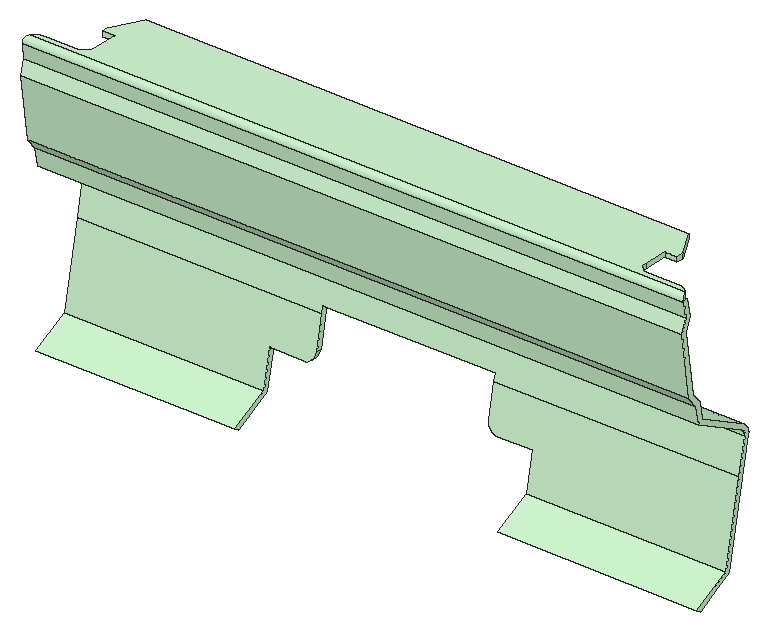
Revit family "spacer_ws100", category 機械設備, Revit 2022
Family settings
  丸型コネクタ寸法 = 直径を使用
  種別 = なし
  パーツ タイプ = 標準
  作業面ベース = いいえ
  常に垂直 = はい
  ロード時にボイドで切り取り = いいえ
  注釈の向きを維持 = いいえ
  共有 = いいえ
  部屋計算ポイント = いいえ
Parameters
  製造元 = "株式会社桐井製作所"
  既定の高さ = 0 mm
  URL = "https://www.kirii.co.jp/"
  K_材質 = "SGCCまたはSGHC　一般用"
  K_品名 = "WS-100スペーサー"
  K_名称 = "スペーサー"
  K_単位質量(kg/個) = 0.031
  K_入数 = "400"
  K_バージョン情報 = "20210524"
  K_めっき付着量 = "Z12"
  K_JIS規格 = "JIS G 3302"
  K_JIS外 [instance] = not(K_JIS)  # no
  K_JIS [instance] = yes
Reference planes
  plane 1 "中心(正面/背面)": y = 0
  plane 2: z = 0
  plane 3 "中心(左/右)": x = 0
Forms (mm)
  Extrusion 1, solid
    sketch origin (0, 0, 0) x (0, 0.987688, 0.156434) y (0, -0.156434, 0.987688)
      loop
        line (0, 0) -> (-10.631, 1.684)
        arc (-10.631, 1.684) -> (-11.276, 1.502) -> (-11.556, 0.894) r 0.8
        line (-11.556, 0.894) -> (-11.556, -1.17) -> (-12.556, -2.902) -> (-12.556, -11.902) -> (-11.556, -13.634) -> (-11.556, -16.134) -> (-4.458, -21.483)
        arc (-4.458, -21.483) -> (-4.17, -21.901) -> (-4.193, -22.408) r 0.8
        line (-4.193, -22.408) -> (-5.984, -27.075) -> (-10.062, -37.698) -> (-15.555, -39.59) -> (-14.96, -40.126) -> (-12.168, -39.164) -> (-9.525, -38.253) -> (-3.539, -22.659)
        arc (-3.539, -22.659) -> (-3.498, -21.708) -> (-4.037, -20.923) r 1.5
        line (-4.037, -20.923) -> (-10.856, -15.785) -> (-10.856, -13.446) -> (-11.856, -11.714) -> (-11.856, -3.089) -> (-10.856, -1.357) -> (-10.856, 1.011) -> (0.274, -0.752) -> (0, 0)
    from -47.5 to 47.5
  Extrusion 2, void
    sketch origin (0, 0, 0) x (1, 0, 0) y (0, 1, 0)
      loop
        line (-48.343, 0.662) -> (-48.343, -11.947) -> (-47.5, -11.947)
        arc (-47.5, -11.947) -> (-46.914, -10.533) -> (-45.5, -9.947) r 2
        line (-45.5, -9.947) -> (-41.05, -9.947)
        arc (-41.05, -9.947) -> (-39.989, -9.508) -> (-39.55, -8.447) r 1.5
        line (-39.55, -8.447) -> (-39.55, -4.947) -> (-41.3, -4.947) -> (-41.3, -3.947) -> (-39, 0.053) -> (39, 0.053) -> (41.3, -3.947) -> (41.3, -4.947) -> (39.55, -4.947) -> (39.55, -8.447)
        arc (39.55, -8.447) -> (39.989, -9.508) -> (41.05, -9.947) r 1.5
        line (41.05, -9.947) -> (45.5, -9.947)
        arc (45.5, -9.947) -> (46.914, -10.533) -> (47.5, -11.947) r 2
        line (47.5, -11.947) -> (48.321, -11.947) -> (48.321, 0.662) -> (-48.343, 0.662)
    from -0.7 to 0
  Extrusion 3, void
    sketch origin (0, 0, 0) x (1, 0, 0) y (0, 0, 1)
      loop
        line (-18.9, -48.094) -> (18.9, -48.094) -> (18.9, -33.699) -> (13.9, -33.699)
        arc (13.9, -33.699) -> (12.839, -33.26) -> (12.4, -32.199) r 1.5
        line (12.4, -32.199) -> (12.4, -26.699) -> (-12.4, -26.699) -> (-12.4, -32.199)
        arc (-12.4, -32.199) -> (-12.839, -33.26) -> (-13.9, -33.699) r 1.5
        line (-13.9, -33.699) -> (-18.9, -33.699) -> (-18.9, -48.094)
    from 0.415 to 9.4
Cuts and joins
  Extrusion 2, Extrusion 3 cuts Extrusion 1
Dimensions and locks
  aligned and locked: level to plane 2
